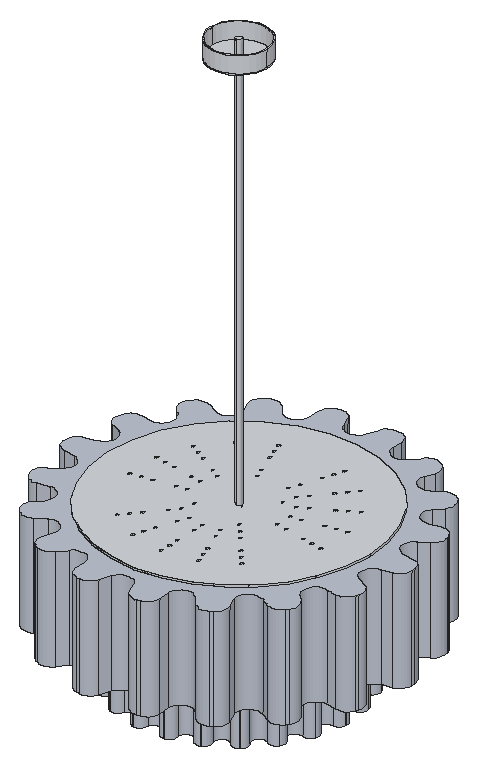
Revit family "ACU-Medium Opera Chandelier", category Lighting Fixtures, host Ceiling, Revit 2021
Family settings
  Host = Ceiling
  Round Connector Dimension = Use Diameter
  Part Type = Normal
  OmniClass Number = 23.80.70.11
  OmniClass Title = Luminaries for Internal Lighting
  Always vertical = Yes
  Cut with Voids When Loaded = No
  Light Source = Yes
  Shared = No
  Room Calculation Point = No
Parameters (values of type "Type 1")
  Wattage = 3.37561 W
  built-in parameter 1150110 = 1 (stored number, unit not read)
  built-in parameter 1114217 = 1 (stored number, unit not read)
  Tilt Angle = 90.00°
  built-in parameter 1150109 = 1 (stored number, unit not read)
  built-in parameter 1150134 = 12
  built-in parameter 1150113 = 1 (stored number, unit not read)
  Plate Thickness [instance] = 3 mm
  Photometric Web File = "MED - 2500_CLE-ADV4-190-220mm (1).ies"
  Pendant Material = Acustico - Light Grey
  Light Source Material = Acustico - Perpsex
  Internal Pendant Material = Acustico - Rouge
  Emit from Circle Diameter = 400 mm
  Emit Shape Visible in Rendering = no
  Default Elevation = 0 mm
  Cable Material = Acustico - Timber
  Bracket Material = Acustico - Stainless Steel
  Manufacturer = "Acustico lighting"
  Lumens = 501.42 lm
  built-in parameter 1150115 = 1 (stored number, unit not read)
  built-in parameter 1150105 = 39.902 (stored number, unit not read)
  built-in parameter 1150137 = (empty or 0)
  built-in parameter 1150139 = (empty or 0)
  built-in parameter 1150112 = 1 (stored number, unit not read)
  built-in parameter 1150114 = 1 (stored number, unit not read)
  built-in parameter 1150132 = 2
  built-in parameter 1150102 = (empty or 0)
  built-in parameter 1150138 = (empty or 0)
  built-in parameter 1150107 = 4000 (stored number, unit not read)
  built-in parameter 1150106 = 0.39902 (stored number, unit not read)
  built-in parameter 1150104 = 13.8 (stored number, unit not read)
  Distance from Ceiling [instance] = 964 mm
  Dimming Lamp Color Temperature Shift = <None>
  Description = "600mm Punk Pendant"
  Color Filter = 16777215
  built-in parameter 1114218 = 1 (stored number, unit not read)
  built-in parameter 1150133 = 10 (stored number, unit not read)
Reference planes
  plane 1 "Light Source Axis (F/B)": y = 0
  plane 2: z = 0
  plane 3 "Light Source Axis (L/R)": x = 0
  plane 4 "Ceiling": z = 4000
  plane 5 "Light Source Elevation": z = 3086
  plane 6: y = 0
  plane 7: x = 0
  plane 8 "Top of Light": z = 3266
  plane 9: z = 2996
  plane 10: z = 3176
Forms (mm)
  Extrusion 1, solid, material "Acustico - Light Grey" <- "Pendant Material"
    sketch origin (0, 0, 3086) x (-1, 0, 0) y (0, -1, 0)
      loop
        line (26.573, -263.46) -> (33.284, -281.277)
        arc (33.284, -281.277) -> (42.689, -292.205) -> (56.925, -294.493) r 21
        arc (56.925, -294.493) -> (59.627, -293.957) -> (62.324, -293.397) r 300
        arc (62.324, -293.397) -> (74.541, -285.74) -> (78.941, -272.01) r 21
        line (78.941, -272.01) -> (78.174, -252.986)
        arc (78.174, -252.986) -> (91.47, -232.599) -> (115.093, -238.463) r 21
        line (115.093, -238.463) -> (127.493, -252.911)
        arc (127.493, -252.911) -> (140.068, -259.963) -> (154.227, -257.244) r 21
        arc (154.227, -257.244) -> (156.584, -255.816) -> (158.926, -254.367) r 300
        arc (158.926, -254.367) -> (167.788, -242.994) -> (167.227, -228.587) r 21
        line (167.227, -228.587) -> (160, -210.972)
        arc (160, -210.972) -> (165.52, -187.267) -> (189.724, -184.699) r 21
        line (189.724, -184.699) -> (206.318, -194.033)
        arc (206.318, -194.033) -> (220.547, -196.359) -> (232.922, -188.961) r 21
        arc (232.922, -188.961) -> (234.648, -186.814) -> (236.354, -184.651) r 300
        arc (236.354, -184.651) -> (240.791, -170.933) -> (235.336, -157.587) r 21
        line (235.336, -157.587) -> (222.521, -143.506)
        arc (222.521, -143.506) -> (219.601, -119.342) -> (241.466, -108.651) r 21
        line (241.466, -108.651) -> (260.252, -111.747)
        arc (260.252, -111.747) -> (274.418, -109.066) -> (283.517, -97.882) r 21
        arc (283.517, -97.882) -> (284.404, -95.274) -> (285.268, -92.658) r 300
        arc (285.268, -92.658) -> (284.745, -78.249) -> (275.055, -67.574) r 21
        line (275.055, -67.574) -> (258.196, -58.726)
        arc (258.196, -58.726) -> (247.188, -37.018) -> (264.078, -19.492) r 21
        line (264.078, -19.492) -> (282.79, -15.977)
        arc (282.79, -15.977) -> (295.185, -8.612) -> (299.91, 5.01) r 21
        arc (299.91, 5.01) -> (299.851, 7.764) -> (299.768, 10.517) r 300
        arc (299.768, 10.517) -> (294.349, 23.878) -> (281.592, 30.595) r 21
        line (281.592, 30.595) -> (262.724, 33.144)
        arc (262.724, 33.144) -> (244.955, 49.778) -> (254.832, 72.023) r 21
        line (254.832, 72.023) -> (271.213, 81.726)
        arc (271.213, 81.726) -> (280.342, 92.886) -> (280.123, 107.302) r 21
        arc (280.123, 107.302) -> (279.126, 109.871) -> (278.106, 112.429) r 300
        arc (278.106, 112.429) -> (268.444, 123.131) -> (254.159, 125.08) r 21
        line (254.159, 125.08) -> (235.557, 121.022)
        arc (235.557, 121.022) -> (213.17, 130.575) -> (214.844, 154.857) r 21
        line (214.844, 154.857) -> (226.918, 169.578)
        arc (226.918, 169.578) -> (231.68, 183.187) -> (226.543, 196.659) r 21
        arc (226.543, 196.659) -> (224.728, 198.731) -> (222.894, 200.787) r 300
        arc (222.894, 200.787) -> (210.155, 207.538) -> (196.064, 204.484) r 21
        line (196.064, 204.484) -> (179.973, 194.308)
        arc (179.973, 194.308) -> (155.669, 195.629) -> (148.936, 219.019) r 21
        line (148.936, 219.019) -> (155.248, 236.981)
        arc (155.248, 236.981) -> (155.067, 251.398) -> (145.633, 262.301) r 21
        arc (145.633, 262.301) -> (143.219, 263.627) -> (140.792, 264.932) r 300
        arc (140.792, 264.932) -> (126.512, 266.919) -> (114.316, 259.23) r 21
        line (114.316, 259.23) -> (102.675, 244.164)
        arc (102.675, 244.164) -> (79.385, 237.092) -> (65.059, 256.769) r 21
        line (65.059, 256.769) -> (64.846, 275.807)
        arc (64.846, 275.807) -> (59.746, 289.293) -> (47.151, 296.311) r 21
        arc (47.151, 296.311) -> (44.429, 296.732) -> (41.703, 297.128) r 300
        arc (41.703, 297.128) -> (27.604, 294.111) -> (18.773, 282.714) r 21
        line (18.773, 282.714) -> (12.987, 264.576)
        arc (12.987, 264.576) -> (-6.48, 249.965) -> (-26.672, 263.555) r 21
        line (-26.672, 263.555) -> (-33.383, 281.372)
        arc (-33.383, 281.372) -> (-42.788, 292.3) -> (-57.023, 294.588) r 21
        arc (-57.023, 294.588) -> (-59.726, 294.052) -> (-62.423, 293.492) r 300
        arc (-62.423, 293.492) -> (-74.64, 285.835) -> (-79.04, 272.105) r 21
        line (-79.04, 272.105) -> (-78.273, 253.081)
        arc (-78.273, 253.081) -> (-91.568, 232.694) -> (-115.191, 238.558) r 21
        line (-115.191, 238.558) -> (-127.592, 253.006)
        arc (-127.592, 253.006) -> (-140.167, 260.058) -> (-154.326, 257.339) r 21
        arc (-154.326, 257.339) -> (-156.682, 255.911) -> (-159.025, 254.462) r 300
        arc (-159.025, 254.462) -> (-167.886, 243.089) -> (-167.325, 228.682) r 21
        line (-167.325, 228.682) -> (-160.098, 211.068)
        arc (-160.098, 211.068) -> (-165.619, 187.362) -> (-189.823, 184.794) r 21
        line (-189.823, 184.794) -> (-206.417, 194.128)
        arc (-206.417, 194.128) -> (-220.646, 196.454) -> (-233.021, 189.056) r 21
        arc (-233.021, 189.056) -> (-234.747, 186.909) -> (-236.453, 184.746) r 300
        arc (-236.453, 184.746) -> (-240.889, 171.028) -> (-235.435, 157.682) r 21
        line (-235.435, 157.682) -> (-222.619, 143.601)
        arc (-222.619, 143.601) -> (-219.699, 119.437) -> (-241.565, 108.746) r 21
        line (-241.565, 108.746) -> (-260.351, 111.842)
        arc (-260.351, 111.842) -> (-274.517, 109.161) -> (-283.616, 97.977) r 21
        arc (-283.616, 97.977) -> (-284.503, 95.369) -> (-285.366, 92.753) r 300
        arc (-285.366, 92.753) -> (-284.844, 78.344) -> (-275.153, 67.669) r 21
        line (-275.153, 67.669) -> (-258.295, 58.821)
        arc (-258.295, 58.821) -> (-247.286, 37.113) -> (-264.177, 19.587) r 21
        line (-264.177, 19.587) -> (-282.889, 16.072)
        arc (-282.889, 16.072) -> (-295.284, 8.707) -> (-300.008, -4.914) r 21
        arc (-300.008, -4.914) -> (-299.95, -7.669) -> (-299.867, -10.422) r 300
        arc (-299.867, -10.422) -> (-294.448, -23.783) -> (-281.69, -30.5) r 21
        line (-281.69, -30.5) -> (-262.823, -33.049)
        arc (-262.823, -33.049) -> (-245.053, -49.683) -> (-254.931, -71.928) r 21
        line (-254.931, -71.928) -> (-271.312, -81.631)
        arc (-271.312, -81.631) -> (-280.441, -92.791) -> (-280.221, -107.207) r 21
        arc (-280.221, -107.207) -> (-279.225, -109.775) -> (-278.204, -112.334) r 300
        arc (-278.204, -112.334) -> (-268.543, -123.036) -> (-254.257, -124.985) r 21
        line (-254.257, -124.985) -> (-235.656, -120.927)
        arc (-235.656, -120.927) -> (-213.269, -130.48) -> (-214.943, -154.762) r 21
        line (-214.943, -154.762) -> (-227.017, -169.483)
        arc (-227.017, -169.483) -> (-231.778, -183.092) -> (-226.642, -196.563) r 21
        arc (-226.642, -196.563) -> (-224.827, -198.636) -> (-222.993, -200.692) r 300
        arc (-222.993, -200.692) -> (-210.254, -207.443) -> (-196.163, -204.389) r 21
        line (-196.163, -204.389) -> (-180.071, -194.213)
        arc (-180.071, -194.213) -> (-155.767, -195.533) -> (-149.035, -218.924) r 21
        line (-149.035, -218.924) -> (-155.346, -236.886)
        arc (-155.346, -236.886) -> (-155.166, -251.303) -> (-145.732, -262.206) r 21
        arc (-145.732, -262.206) -> (-143.317, -263.532) -> (-140.891, -264.837) r 300
        arc (-140.891, -264.837) -> (-126.611, -266.824) -> (-114.415, -259.135) r 21
        line (-114.415, -259.135) -> (-102.773, -244.069)
        arc (-102.773, -244.069) -> (-79.484, -236.997) -> (-65.157, -256.674) r 21
        line (-65.157, -256.674) -> (-64.945, -275.712)
        arc (-64.945, -275.712) -> (-59.844, -289.198) -> (-47.25, -296.216) r 21
        arc (-47.25, -296.216) -> (-44.528, -296.637) -> (-41.801, -297.033) r 300
        arc (-41.801, -297.033) -> (-27.703, -294.016) -> (-18.872, -282.619) r 21
        line (-18.872, -282.619) -> (-13.086, -264.481)
        arc (-13.086, -264.481) -> (6.381, -249.87) -> (26.573, -263.46) r 21
      loop
        arc (85.899, -165.004) -> (93.611, -171.645) -> (103.706, -170.349) r 12.5
        line (103.706, -170.349) -> (104.537, -169.839)
        arc (104.537, -169.839) -> (110.415, -161.427) -> (108.014, -151.45) r 12.5
        arc (108.014, -151.45) -> (110.547, -134.93) -> (127.242, -135.695) r 12.5
        arc (127.242, -135.695) -> (136.46, -140.009) -> (145.831, -136.038) r 12.5
        line (145.831, -136.038) -> (146.494, -135.322)
        arc (146.494, -135.322) -> (149.884, -125.636) -> (144.88, -116.677) r 12.5
        arc (144.88, -116.677) -> (142.862, -100.086) -> (159.145, -96.318) r 12.5
        arc (159.145, -96.318) -> (169.185, -97.985) -> (177.137, -91.633) r 12.5
        line (177.137, -91.633) -> (177.582, -90.766)
        arc (177.582, -90.766) -> (178.233, -80.524) -> (170.998, -73.247) r 12.5
        arc (170.998, -73.247) -> (164.578, -57.816) -> (179.241, -49.795) r 12.5
        arc (179.241, -49.795) -> (189.358, -48.691) -> (195.302, -40.429) r 12.5
        line (195.302, -40.429) -> (195.496, -39.474)
        arc (195.496, -39.474) -> (193.36, -29.437) -> (184.429, -24.381) r 12.5
        arc (184.429, -24.381) -> (174.085, -11.254) -> (186.039, 0.425) r 12.5
        arc (186.039, 0.425) -> (195.484, 4.218) -> (198.978, 13.777) r 12.5
        line (198.978, 13.777) -> (198.907, 14.749)
        arc (198.907, 14.749) -> (194.142, 23.838) -> (184.179, 26.297) r 12.5
        arc (184.179, 26.297) -> (170.676, 36.146) -> (179.037, 50.618) r 12.5
        arc (179.037, 50.618) -> (187.108, 56.817) -> (187.893, 66.965) r 12.5
        line (187.893, 66.965) -> (187.563, 67.882)
        arc (187.563, 67.882) -> (180.522, 75.348) -> (170.265, 75.027) r 12.5
        arc (170.265, 75.027) -> (154.606, 80.868) -> (158.752, 97.059) r 12.5
        arc (158.752, 97.059) -> (164.852, 105.207) -> (162.87, 115.19) r 12.5
        line (162.87, 115.19) -> (162.304, 115.984)
        arc (162.304, 115.984) -> (153.511, 121.273) -> (143.72, 118.197) r 12.5
        arc (143.72, 118.197) -> (127.066, 119.597) -> (126.69, 136.306) r 12.5
        arc (126.69, 136.306) -> (130.365, 145.797) -> (125.763, 154.875) r 12.5
        line (125.763, 154.875) -> (125.005, 155.487)
        arc (125.005, 155.487) -> (115.11, 158.208) -> (106.513, 152.605) r 12.5
        arc (106.513, 152.605) -> (90.098, 149.459) -> (85.228, 165.447) r 12.5
        arc (85.228, 165.447) -> (86.206, 175.577) -> (79.326, 183.077) r 12.5
        line (79.326, 183.077) -> (78.43, 183.462)
        arc (78.43, 183.462) -> (68.168, 183.412) -> (61.402, 175.697) r 12.5
        arc (61.402, 175.697) -> (46.445, 168.24) -> (37.441, 182.321) r 12.5
        arc (37.441, 182.321) -> (35.65, 192.34) -> (27.002, 197.705) r 12.5
        line (27.002, 197.705) -> (26.035, 197.834)
        arc (26.035, 197.834) -> (16.167, 195.018) -> (11.733, 185.763) r 12.5
        arc (11.733, 185.763) -> (-0.657, 174.547) -> (-13.126, 185.676) r 12.5
        arc (-13.126, 185.676) -> (-17.553, 194.841) -> (-27.329, 197.674) r 12.5
        line (-27.329, 197.674) -> (-28.294, 197.537)
        arc (-28.294, 197.537) -> (-37.036, 192.163) -> (-38.809, 182.055) r 12.5
        arc (-38.809, 182.055) -> (-47.714, 167.912) -> (-62.723, 175.265) r 12.5
        arc (-62.723, 175.265) -> (-69.459, 182.895) -> (-79.636, 182.985) r 12.5
        line (-79.636, 182.985) -> (-80.529, 182.593)
        arc (-80.529, 182.593) -> (-87.497, 175.06) -> (-86.477, 164.848) r 12.5
        arc (-86.477, 164.848) -> (-91.236, 148.827) -> (-107.672, 151.858) r 12.5
        arc (-107.672, 151.858) -> (-116.217, 157.388) -> (-126.041, 154.729) r 12.5
        line (-126.041, 154.729) -> (-126.795, 154.111)
        arc (-126.795, 154.111) -> (-131.472, 144.977) -> (-127.735, 135.419) r 12.5
        arc (-127.735, 135.419) -> (-127.995, 118.708) -> (-144.639, 117.193) r 12.5
        arc (-144.639, 117.193) -> (-154.359, 120.211) -> (-163.102, 115.001) r 12.5
        line (-163.102, 115.001) -> (-163.66, 114.202)
        arc (-163.66, 114.202) -> (-165.7, 104.145) -> (-159.523, 95.95) r 12.5
        arc (-159.523, 95.95) -> (-155.264, 79.789) -> (-170.882, 73.839) r 12.5
        arc (-170.882, 73.839) -> (-181.056, 74.123) -> (-188.069, 66.747) r 12.5
        line (-188.069, 66.747) -> (-188.392, 65.827)
        arc (-188.392, 65.827) -> (-187.642, 55.593) -> (-179.483, 49.368) r 12.5
        arc (-179.483, 49.368) -> (-171.022, 34.955) -> (-184.456, 25.012) r 12.5
        arc (-184.456, 25.012) -> (-194.329, 22.541) -> (-199.092, 13.547) r 12.5
        line (-199.092, 13.547) -> (-199.155, 12.574)
        arc (-199.155, 12.574) -> (-195.672, 2.921) -> (-186.136, -0.871) r 12.5
        arc (-186.136, -0.871) -> (-174.1, -12.467) -> (-184.353, -25.666) r 12.5
        arc (-184.353, -25.666) -> (-193.194, -30.709) -> (-195.353, -40.655) r 12.5
        line (-195.353, -40.655) -> (-195.151, -41.609)
        arc (-195.151, -41.609) -> (-189.193, -49.964) -> (-178.988, -51.043) r 12.5
        arc (-178.988, -51.043) -> (-164.27, -58.962) -> (-170.581, -74.437) r 12.5
        arc (-170.581, -74.437) -> (-177.733, -81.678) -> (-177.13, -91.838) r 12.5
        line (-177.13, -91.838) -> (-176.677, -92.702)
        arc (-176.677, -92.702) -> (-168.686, -99.139) -> (-158.568, -97.425) r 12.5
        arc (-158.568, -97.425) -> (-142.259, -101.079) -> (-144.162, -117.684) r 12.5
        arc (-144.162, -117.684) -> (-149.095, -126.586) -> (-145.773, -136.206) r 12.5
        line (-145.773, -136.206) -> (-145.104, -136.916)
        arc (-145.104, -136.916) -> (-135.672, -140.959) -> (-126.392, -136.578) r 12.5
        arc (-126.392, -136.578) -> (-109.702, -135.697) -> (-107.054, -152.199) r 12.5
        arc (-107.054, -152.199) -> (-109.403, -162.102) -> (-103.608, -170.469) r 12.5
        line (-103.608, -170.469) -> (-102.773, -170.972)
        arc (-102.773, -170.972) -> (-92.6, -172.321) -> (-84.846, -165.599) r 12.5
        arc (-84.846, -165.599) -> (-69.012, -160.247) -> (-62.01, -175.423) r 12.5
        arc (-62.01, -175.423) -> (-61.6, -185.593) -> (-53.763, -192.086) r 12.5
        line (-53.763, -192.086) -> (-52.823, -192.345)
        arc (-52.823, -192.345) -> (-42.663, -190.898) -> (-37.01, -182.334) r 12.5
        arc (-37.01, -182.334) -> (-23.208, -172.909) -> (-12.371, -185.633) r 12.5
        arc (-12.371, -185.633) -> (-9.233, -195.315) -> (0.066, -199.453) r 12.5
        line (0.066, -199.453) -> (1.041, -199.449)
        arc (1.041, -199.449) -> (10.434, -195.315) -> (13.566, -185.543) r 12.5
        arc (13.566, -185.543) -> (24.314, -172.744) -> (38.182, -182.072) r 12.5
        arc (38.182, -182.072) -> (43.816, -190.548) -> (53.886, -192.024) r 12.5
        line (53.886, -192.024) -> (54.824, -191.757)
        arc (54.824, -191.757) -> (62.753, -185.242) -> (63.133, -174.987) r 12.5
        arc (63.133, -174.987) -> (70.029, -159.763) -> (85.899, -165.004) r 12.5
    from 0 to 180
  Extrusion 2, solid, material "Acustico - Light Grey" <- "Pendant Material"
    sketch origin (0, 0, 3086) x (-1, 0, 0) y (0, -1, 0)
      loop
        circle (-0.049, 0.048) r 135
      loop
        arc (170.998, -73.247) -> (164.578, -57.816) -> (179.241, -49.795) r 12.5
        arc (179.241, -49.795) -> (189.358, -48.691) -> (195.302, -40.429) r 12.5
        line (195.302, -40.429) -> (195.496, -39.474)
        arc (195.496, -39.474) -> (193.36, -29.437) -> (184.429, -24.381) r 12.5
        arc (184.429, -24.381) -> (174.085, -11.254) -> (186.039, 0.425) r 12.5
        arc (186.039, 0.425) -> (195.484, 4.218) -> (198.978, 13.777) r 12.5
        line (198.978, 13.777) -> (198.907, 14.749)
        arc (198.907, 14.749) -> (194.142, 23.838) -> (184.179, 26.297) r 12.5
        arc (184.179, 26.297) -> (170.676, 36.146) -> (179.037, 50.618) r 12.5
        arc (179.037, 50.618) -> (187.108, 56.817) -> (187.893, 66.965) r 12.5
        line (187.893, 66.965) -> (187.563, 67.882)
        arc (187.563, 67.882) -> (180.522, 75.348) -> (170.265, 75.027) r 12.5
        arc (170.265, 75.027) -> (154.606, 80.868) -> (158.752, 97.059) r 12.5
        arc (158.752, 97.059) -> (164.852, 105.207) -> (162.87, 115.19) r 12.5
        line (162.87, 115.19) -> (162.304, 115.984)
        arc (162.304, 115.984) -> (153.511, 121.273) -> (143.72, 118.197) r 12.5
        arc (143.72, 118.197) -> (127.066, 119.597) -> (126.69, 136.306) r 12.5
        arc (126.69, 136.306) -> (130.365, 145.797) -> (125.763, 154.875) r 12.5
        line (125.763, 154.875) -> (125.005, 155.487)
        arc (125.005, 155.487) -> (115.11, 158.208) -> (106.513, 152.605) r 12.5
        arc (106.513, 152.605) -> (90.098, 149.459) -> (85.228, 165.447) r 12.5
        arc (85.228, 165.447) -> (86.206, 175.577) -> (79.326, 183.077) r 12.5
        line (79.326, 183.077) -> (78.43, 183.462)
        arc (78.43, 183.462) -> (68.168, 183.412) -> (61.402, 175.697) r 12.5
        arc (61.402, 175.697) -> (46.445, 168.24) -> (37.441, 182.321) r 12.5
        arc (37.441, 182.321) -> (35.65, 192.34) -> (27.002, 197.705) r 12.5
        line (27.002, 197.705) -> (26.035, 197.834)
        arc (26.035, 197.834) -> (16.167, 195.018) -> (11.733, 185.763) r 12.5
        arc (11.733, 185.763) -> (-0.657, 174.547) -> (-13.126, 185.676) r 12.5
        arc (-13.126, 185.676) -> (-17.553, 194.841) -> (-27.329, 197.674) r 12.5
        line (-27.329, 197.674) -> (-28.294, 197.537)
        arc (-28.294, 197.537) -> (-37.036, 192.163) -> (-38.809, 182.055) r 12.5
        arc (-38.809, 182.055) -> (-47.714, 167.912) -> (-62.723, 175.265) r 12.5
        arc (-62.723, 175.265) -> (-69.459, 182.895) -> (-79.636, 182.985) r 12.5
        line (-79.636, 182.985) -> (-80.529, 182.593)
        arc (-80.529, 182.593) -> (-87.497, 175.06) -> (-86.477, 164.848) r 12.5
        arc (-86.477, 164.848) -> (-91.236, 148.827) -> (-107.672, 151.858) r 12.5
        arc (-107.672, 151.858) -> (-116.217, 157.388) -> (-126.041, 154.729) r 12.5
        line (-126.041, 154.729) -> (-126.795, 154.111)
        arc (-126.795, 154.111) -> (-131.472, 144.977) -> (-127.735, 135.419) r 12.5
        arc (-127.735, 135.419) -> (-127.995, 118.708) -> (-144.639, 117.193) r 12.5
        arc (-144.639, 117.193) -> (-154.359, 120.211) -> (-163.102, 115.001) r 12.5
        line (-163.102, 115.001) -> (-163.66, 114.202)
        arc (-163.66, 114.202) -> (-165.7, 104.145) -> (-159.523, 95.95) r 12.5
        arc (-159.523, 95.95) -> (-155.264, 79.789) -> (-170.882, 73.839) r 12.5
        arc (-170.882, 73.839) -> (-181.056, 74.123) -> (-188.069, 66.747) r 12.5
        line (-188.069, 66.747) -> (-188.392, 65.827)
        arc (-188.392, 65.827) -> (-187.642, 55.593) -> (-179.483, 49.368) r 12.5
        arc (-179.483, 49.368) -> (-171.022, 34.955) -> (-184.456, 25.012) r 12.5
        arc (-184.456, 25.012) -> (-194.329, 22.541) -> (-199.092, 13.547) r 12.5
        line (-199.092, 13.547) -> (-199.155, 12.574)
        arc (-199.155, 12.574) -> (-195.672, 2.921) -> (-186.136, -0.871) r 12.5
        arc (-186.136, -0.871) -> (-174.1, -12.467) -> (-184.353, -25.666) r 12.5
        arc (-184.353, -25.666) -> (-193.194, -30.709) -> (-195.353, -40.655) r 12.5
        line (-195.353, -40.655) -> (-195.151, -41.609)
        arc (-195.151, -41.609) -> (-189.193, -49.964) -> (-178.988, -51.043) r 12.5
        arc (-178.988, -51.043) -> (-164.27, -58.962) -> (-170.581, -74.437) r 12.5
        arc (-170.581, -74.437) -> (-177.733, -81.678) -> (-177.13, -91.838) r 12.5
        line (-177.13, -91.838) -> (-176.677, -92.702)
        arc (-176.677, -92.702) -> (-168.686, -99.139) -> (-158.568, -97.425) r 12.5
        arc (-158.568, -97.425) -> (-142.259, -101.079) -> (-144.162, -117.684) r 12.5
        arc (-144.162, -117.684) -> (-149.095, -126.586) -> (-145.773, -136.206) r 12.5
        line (-145.773, -136.206) -> (-145.104, -136.916)
        arc (-145.104, -136.916) -> (-135.672, -140.959) -> (-126.392, -136.578) r 12.5
        arc (-126.392, -136.578) -> (-109.702, -135.697) -> (-107.054, -152.199) r 12.5
        arc (-107.054, -152.199) -> (-109.403, -162.102) -> (-103.608, -170.469) r 12.5
        line (-103.608, -170.469) -> (-102.773, -170.972)
        arc (-102.773, -170.972) -> (-92.6, -172.321) -> (-84.846, -165.599) r 12.5
        arc (-84.846, -165.599) -> (-69.012, -160.247) -> (-62.01, -175.423) r 12.5
        arc (-62.01, -175.423) -> (-61.6, -185.593) -> (-53.763, -192.086) r 12.5
        line (-53.763, -192.086) -> (-52.823, -192.345)
        arc (-52.823, -192.345) -> (-42.663, -190.898) -> (-37.01, -182.334) r 12.5
        arc (-37.01, -182.334) -> (-23.208, -172.909) -> (-12.371, -185.633) r 12.5
        arc (-12.371, -185.633) -> (-9.233, -195.315) -> (0.066, -199.453) r 12.5
        line (0.066, -199.453) -> (1.041, -199.449)
        arc (1.041, -199.449) -> (10.434, -195.315) -> (13.566, -185.543) r 12.5
        arc (13.566, -185.543) -> (24.314, -172.744) -> (38.182, -182.072) r 12.5
        arc (38.182, -182.072) -> (43.816, -190.548) -> (53.886, -192.024) r 12.5
        line (53.886, -192.024) -> (54.824, -191.757)
        arc (54.824, -191.757) -> (62.753, -185.242) -> (63.133, -174.987) r 12.5
        arc (63.133, -174.987) -> (70.029, -159.763) -> (85.899, -165.004) r 12.5
        arc (85.899, -165.004) -> (93.611, -171.645) -> (103.706, -170.349) r 12.5
        line (103.706, -170.349) -> (104.537, -169.839)
        arc (104.537, -169.839) -> (110.415, -161.427) -> (108.014, -151.45) r 12.5
        arc (108.014, -151.45) -> (110.547, -134.93) -> (127.242, -135.695) r 12.5
        arc (127.242, -135.695) -> (136.46, -140.009) -> (145.831, -136.038) r 12.5
        line (145.831, -136.038) -> (146.494, -135.322)
        arc (146.494, -135.322) -> (149.884, -125.636) -> (144.88, -116.677) r 12.5
        arc (144.88, -116.677) -> (142.862, -100.086) -> (159.145, -96.318) r 12.5
        arc (159.145, -96.318) -> (169.185, -97.985) -> (177.137, -91.633) r 12.5
        line (177.137, -91.633) -> (177.582, -90.766)
        arc (177.582, -90.766) -> (178.233, -80.524) -> (170.998, -73.247) r 12.5
    from -90 to 90
  Extrusion 3, solid
    sketch origin (0, 0, 3086) x (-1, 0, 0) y (0, -1, 0)
      loop
        circle (147.224, -85) r 2.5
      loop
        circle (131.636, -76) r 2.5
      loop
        circle (116.047, -67) r 2.5
      loop
        circle (84.87, -49) r 2
      loop
        circle (69.282, -40) r 2
      loop
        circle (78.785, -13.892) r 2
      loop
        circle (96.511, -17.018) r 2
      loop
        circle (131.964, -23.269) r 2.5
      loop
        circle (149.691, -26.395) r 2.5
      loop
        circle (167.417, -29.52) r 2.5
      loop
        circle (38.89, -46.035) r 2
      loop
        circle (51.423, -61.284) r 2
      loop
        circle (62.993, -75.072) r 2
      loop
        circle (86.134, -102.65) r 2.5
      loop
        circle (97.704, -116.439) r 2.5
      loop
        circle (109.274, -130.228) r 2.5
      loop
        circle (27.362, -75.175) r 2
      loop
        circle (33.518, -92.09) r 2
      loop
        circle (45.831, -125.919) r 2.5
      loop
        circle (51.987, -142.833) r 2.5
      loop
        circle (58.143, -159.748) r 2.5
      loop
        circle (-27.362, -75.175) r 2
      loop
        circle (-33.518, -92.09) r 2
      loop
        circle (-45.831, -125.919) r 2.5
      loop
        circle (-51.987, -142.833) r 2.5
      loop
        circle (-58.143, -159.748) r 2.5
      loop
        circle (-109.274, -130.228) r 2.5
      loop
        circle (-97.704, -116.439) r 2.5
      loop
        circle (-86.134, -102.65) r 2.5
      loop
        circle (-62.993, -75.072) r 2
      loop
        circle (-51.423, -61.284) r 2
      loop
        circle (-46.341, -38.579) r 2
      loop
        circle (-69.282, -40) r 2
      loop
        circle (-84.87, -49) r 2
      loop
        circle (-116.047, -67) r 2.5
      loop
        circle (-131.636, -76) r 2.5
      loop
        circle (-147.224, -85) r 2.5
      loop
        circle (-167.417, -29.52) r 2.5
      loop
        circle (-149.691, -26.395) r 2.5
      loop
        circle (-131.964, -23.269) r 2.5
      loop
        circle (-96.511, -17.018) r 2
      loop
        circle (-78.785, -13.892) r 2
      loop
        circle (-78.785, 13.892) r 2
      loop
        circle (-96.511, 17.018) r 2
      loop
        circle (-131.964, 23.269) r 2.5
      loop
        circle (-149.691, 26.395) r 2.5
      loop
        circle (-167.417, 29.52) r 2.5
      loop
        circle (-38.84, 46.608) r 2
      loop
        circle (-51.423, 61.284) r 2
      loop
        circle (-62.993, 75.072) r 2
      loop
        circle (-86.134, 102.65) r 2.5
      loop
        circle (-97.704, 116.439) r 2.5
      loop
        circle (-109.274, 130.228) r 2.5
      loop
        circle (-51.987, 142.833) r 2.5
      loop
        circle (-58.143, 159.748) r 2.5
      loop
        circle (-45.831, 125.919) r 2.5
      loop
        circle (-33.518, 92.09) r 2
      loop
        circle (0, 80) r 2
      loop
        circle (0, 98) r 2
      loop
        circle (0, 134) r 2.5
      loop
        circle (0, 152) r 2.5
      loop
        circle (0, 170) r 2.5
      loop
        circle (51.987, 142.833) r 2.5
      loop
        circle (58.143, 159.748) r 2.5
      loop
        circle (45.831, 125.919) r 2.5
      loop
        circle (33.518, 92.09) r 2
      loop
        circle (27.362, 75.175) r 2
      loop
        circle (46.4, 39.201) r 2
      loop
        circle (51.423, 61.284) r 2
      loop
        circle (62.993, 75.072) r 2
      loop
        circle (86.134, 102.65) r 2.5
      loop
        circle (97.704, 116.439) r 2.5
      loop
        circle (109.274, 130.228) r 2.5
      loop
        circle (78.785, 13.892) r 2
      loop
        circle (96.511, 17.018) r 2
      loop
        circle (131.964, 23.269) r 2.5
      loop
        circle (149.691, 26.395) r 2.5
      loop
        circle (167.417, 29.52) r 2.5
      loop
        circle (-27.362, 75.175) r 2
      loop
        circle (0, 0) r 230
    from 180 to 183
  Extrusion 4, solid, material "Acustico - Stainless Steel" <- "Bracket Material"
    sketch origin (0, 0, 3086) x (-1, 0, 0) y (0, -1, 0)
      loop
        circle (-0.049, 0.048) r 135
    from 3 to 0
  Extrusion 5, solid
    sketch origin (0, 0, 4000) x (0, 1, 0) y (-1, 0, 0)
      loop
        circle (0, 0) r 50
      loop
        circle (0, 0) r 48
    from -28 to 0
  Extrusion 6, solid
    sketch origin (0, 0, 4000) x (0, 1, 0) y (-1, 0, 0)
      loop
        circle (0, 0) r 50
    from -30 to -28
  Extrusion 7, solid
    sketch origin (0, 0, 4000) x (0, 1, 0) y (-1, 0, 0)
      loop
        circle (0, 0) r 5
    from -914 to 0
  Extrusion 8, solid
    sketch origin (0, 0, 4000) x (0, 1, 0) y (-1, 0, 0)
      loop
        circle (0, 0) r 9
    from -924 to -914
Dimensions and locks
  equal spacing: host sketch curve, plane 3 "Light Source Axis (L/R)", host sketch curve
  equal spacing: host sketch curve, plane 1 "Light Source Axis (F/B)", host sketch curve
  host sketch curve to host sketch curve = 4000 mm  (x2)
  host ceiling to plane 4 "Ceiling" = 0 mm
  plane 5 "Light Source Elevation" to Extrusion 4 = 0 mm
  "Plate Thickness": plane 8 "Top of Light" to Extrusion 3
  plane 9 to plane 5 "Light Source Elevation" to plane 10 to plane 8 "Top of Light" = 90 mm locked, 90 mm locked, 90 mm locked
  locked: Extrusion 8 to plane 5 "Light Source Elevation" at 10
  "Plate Thickness": plane 5 "Light Source Elevation" to Extrusion 4
  aligned and locked: plane 3 "Light Source Axis (L/R)" to imposter light
  aligned and locked: plane 1 "Light Source Axis (F/B)" to imposter light
  aligned and locked: plane 5 "Light Source Elevation" to imposter light
  aligned and locked: Extrusion 2 to plane 9
  aligned and locked: plane 10 to Extrusion 2
  aligned and locked: plane 5 "Light Source Elevation" to Extrusion 7
  aligned and locked: Extrusion 1 to plane 8 "Top of Light"
  aligned and locked: plane 8 "Top of Light" to Extrusion 3
  aligned and locked: Extrusion 8 to plane 5 "Light Source Elevation"
  aligned and locked: plane 5 "Light Source Elevation" to Extrusion 4
Automatic sketch dimensions
  Extrusion 1 sketch curve to Extrusion 1 sketch curve = 0 mm  (x324)
  plane 1 "Light Source Axis (F/B)" to Extrusion 1 sketch curve = 16.072 mm
  plane 3 "Light Source Axis (L/R)" to Extrusion 1 sketch curve = 282.889 mm
  Extrusion 1 sketch curve to plane 1 "Light Source Axis (F/B)" = 30.5 mm
  Extrusion 1 sketch curve to Extrusion 1 sketch curve = 1.198 mm
  Extrusion 1 sketch curve to plane 1 "Light Source Axis (F/B)" = 4.567 mm
  Extrusion 1 sketch curve to Extrusion 1 sketch curve = 3.878 mm  (x2)
  Extrusion 1 sketch curve to Extrusion 1 sketch curve = 0.132 mm  (x2)
  plane 1 "Light Source Axis (F/B)" to Extrusion 1 sketch curve = 67.669 mm
  Extrusion 1 sketch curve to Extrusion 1 sketch curve = 7.735 mm
  Extrusion 1 sketch curve to plane 1 "Light Source Axis (F/B)" = 81.631 mm
  Extrusion 1 sketch curve to Extrusion 1 sketch curve = 10.378 mm
  Extrusion 1 sketch curve to Extrusion 1 sketch curve = 7.099 mm
  Extrusion 1 sketch curve to Extrusion 1 sketch curve = 16.057 mm  (x2)
  Extrusion 1 sketch curve to Extrusion 1 sketch curve = 9.759 mm
  plane 1 "Light Source Axis (F/B)" to Extrusion 1 sketch curve = 19.587 mm
  Extrusion 1 sketch curve to Extrusion 1 sketch curve = 18.712 mm  (x2)
  Extrusion 1 sketch curve to Extrusion 1 sketch curve = 1.628 mm  (x2)
  Extrusion 1 sketch curve to plane 1 "Light Source Axis (F/B)" = 33.049 mm
  Extrusion 1 sketch curve to Extrusion 1 sketch curve = 18.868 mm  (x2)
  Extrusion 1 sketch curve to Extrusion 1 sketch curve = 10.703 mm  (x2)
  plane 1 "Light Source Axis (F/B)" to Extrusion 1 sketch curve = 111.842 mm
  Extrusion 1 sketch curve to Extrusion 1 sketch curve = 3.415 mm  (x4)
  Extrusion 1 sketch curve to Extrusion 1 sketch curve = 1.876 mm  (x2)
  plane 1 "Light Source Axis (F/B)" to Extrusion 1 sketch curve = 58.821 mm
  Extrusion 1 sketch curve to Extrusion 1 sketch curve = 16.858 mm  (x2)
  Extrusion 1 sketch curve to plane 1 "Light Source Axis (F/B)" = 71.928 mm
  Extrusion 1 sketch curve to Extrusion 1 sketch curve = 16.381 mm  (x2)
  Extrusion 1 sketch curve to plane 1 "Light Source Axis (F/B)" = 124.985 mm
  Extrusion 1 sketch curve to Extrusion 1 sketch curve = 4.476 mm  (x4)
  plane 1 "Light Source Axis (F/B)" to Extrusion 1 sketch curve = 108.746 mm
  Extrusion 1 sketch curve to Extrusion 1 sketch curve = 18.786 mm  (x2)
  Extrusion 1 sketch curve to plane 1 "Light Source Axis (F/B)" = 120.927 mm
  Extrusion 1 sketch curve to Extrusion 1 sketch curve = 18.602 mm  (x2)
  Extrusion 1 sketch curve to Extrusion 1 sketch curve = 2.715 mm  (x2)
  Extrusion 1 sketch curve to Extrusion 1 sketch curve = 4.162 mm  (x2)
  plane 1 "Light Source Axis (F/B)" to Extrusion 1 sketch curve = 143.601 mm
  Extrusion 1 sketch curve to Extrusion 1 sketch curve = 12.815 mm  (x2)
  Extrusion 1 sketch curve to Extrusion 1 sketch curve = 15.53 mm  (x2)
  Extrusion 1 sketch curve to Extrusion 1 sketch curve = 3.192 mm  (x2)
  Extrusion 1 sketch curve to Extrusion 1 sketch curve = 12.074 mm  (x2)
  Extrusion 1 sketch curve to Extrusion 1 sketch curve = 16.237 mm  (x2)
  Extrusion 1 sketch curve to Extrusion 1 sketch curve = 3.394 mm  (x2)
  Extrusion 1 sketch curve to Extrusion 1 sketch curve = 10.296 mm  (x4)
  plane 1 "Light Source Axis (F/B)" to Extrusion 1 sketch curve = 12.574 mm
  Extrusion 1 sketch curve to Extrusion 1 sketch curve = 65.022 mm
  plane 1 "Light Source Axis (F/B)" to Extrusion 1 sketch curve = 13.547 mm
  Extrusion 1 sketch curve to Extrusion 1 sketch curve = 0.062 mm
  Extrusion 1 sketch curve to Extrusion 1 sketch curve = 11.224 mm  (x4)
  Extrusion 1 sketch curve to plane 1 "Light Source Axis (F/B)" = 40.655 mm
  Extrusion 1 sketch curve to Extrusion 1 sketch curve = 3.801 mm
  Extrusion 1 sketch curve to plane 1 "Light Source Axis (F/B)" = 41.609 mm
  Extrusion 1 sketch curve to Extrusion 1 sketch curve = 0.202 mm
  Extrusion 1 sketch curve to Extrusion 1 sketch curve = 16.594 mm  (x2)
  plane 1 "Light Source Axis (F/B)" to Extrusion 1 sketch curve = 65.827 mm
  Extrusion 1 sketch curve to Extrusion 1 sketch curve = 10.701 mm
  plane 1 "Light Source Axis (F/B)" to Extrusion 1 sketch curve = 66.747 mm
  Extrusion 1 sketch curve to Extrusion 1 sketch curve = 0.322 mm
  Extrusion 1 sketch curve to Extrusion 1 sketch curve = 12.463 mm
  Extrusion 1 sketch curve to Extrusion 1 sketch curve = 0.07 mm
  Extrusion 1 sketch curve to Extrusion 1 sketch curve = 0.123 mm
  Extrusion 1 sketch curve to Extrusion 1 sketch curve = 3.351 mm
  Extrusion 1 sketch curve to Extrusion 1 sketch curve = 12.237 mm
  Extrusion 1 sketch curve to Extrusion 1 sketch curve = 0.225 mm
  Extrusion 1 sketch curve to Extrusion 1 sketch curve = 16.092 mm  (x2)
  Extrusion 1 sketch curve to plane 1 "Light Source Axis (F/B)" = 91.838 mm
  Extrusion 1 sketch curve to Extrusion 1 sketch curve = 5.762 mm
  Extrusion 1 sketch curve to Extrusion 1 sketch curve = 0.452 mm
  Extrusion 1 sketch curve to Extrusion 1 sketch curve = 11.743 mm
  Extrusion 1 sketch curve to Extrusion 1 sketch curve = 0.36 mm
  Extrusion 1 sketch curve to Extrusion 1 sketch curve = 6.858 mm
  Extrusion 1 sketch curve to Extrusion 1 sketch curve = 12.202 mm  (x2)
  Extrusion 1 sketch curve to Extrusion 1 sketch curve = 9.906 mm
  Extrusion 1 sketch curve to Extrusion 1 sketch curve = 11.095 mm
  Extrusion 1 sketch curve to Extrusion 1 sketch curve = 0.503 mm  (x2)
  Extrusion 1 sketch curve to Extrusion 1 sketch curve = 2.723 mm
  Extrusion 1 sketch curve to Extrusion 1 sketch curve = 0.559 mm
  Extrusion 1 sketch curve to Extrusion 1 sketch curve = 7.227 mm  (x2)
  Extrusion 1 sketch curve to Extrusion 1 sketch curve = 13.501 mm  (x2)
  Extrusion 1 sketch curve to Extrusion 1 sketch curve = 10.151 mm
  Extrusion 1 sketch curve to Extrusion 1 sketch curve = 0.624 mm
  Extrusion 1 sketch curve to Extrusion 1 sketch curve = 13.085 mm
  Extrusion 1 sketch curve to Extrusion 1 sketch curve = 6.311 mm  (x2)
  Extrusion 1 sketch curve to Extrusion 1 sketch curve = 19.428 mm  (x2)
  Extrusion 1 sketch curve to Extrusion 1 sketch curve = 6.674 mm
  Extrusion 1 sketch curve to Extrusion 1 sketch curve = 0.669 mm
  Extrusion 1 sketch curve to Extrusion 1 sketch curve = 4.37 mm  (x2)
  Extrusion 1 sketch curve to Extrusion 1 sketch curve = 15.725 mm
  Extrusion 1 sketch curve to Extrusion 1 sketch curve = 9.131 mm
  Extrusion 1 sketch curve to Extrusion 1 sketch curve = 0.745 mm
  Extrusion 1 sketch curve to Extrusion 1 sketch curve = 19.813 mm  (x2)
  Extrusion 1 sketch curve to Extrusion 1 sketch curve = 4.502 mm  (x2)
  Extrusion 1 sketch curve to Extrusion 1 sketch curve = 15.935 mm  (x4)
  Extrusion 1 sketch curve to Extrusion 1 sketch curve = 10.365 mm
  Extrusion 1 sketch curve to Extrusion 1 sketch curve = 0.754 mm
  Extrusion 1 sketch curve to Extrusion 1 sketch curve = 7.807 mm
  Extrusion 1 sketch curve to Extrusion 1 sketch curve = 0.841 mm
  Extrusion 1 sketch curve to Extrusion 1 sketch curve = 18.341 mm
  Extrusion 1 sketch curve to Extrusion 1 sketch curve = 12.4 mm  (x2)
  Extrusion 1 sketch curve to Extrusion 1 sketch curve = 16.617 mm  (x4)
  Extrusion 1 sketch curve to Extrusion 1 sketch curve = 13.949 mm
  Extrusion 1 sketch curve to Extrusion 1 sketch curve = 11.641 mm  (x2)
  Extrusion 1 sketch curve to Extrusion 1 sketch curve = 0.835 mm
  Extrusion 1 sketch curve to Extrusion 1 sketch curve = 20.379 mm
  Extrusion 1 sketch curve to Extrusion 1 sketch curve = 6.489 mm
  Extrusion 1 sketch curve to Extrusion 1 sketch curve = 0.931 mm
  Extrusion 1 sketch curve to Extrusion 1 sketch curve = 17.239 mm
  Extrusion 1 sketch curve to Extrusion 1 sketch curve = 0.893 mm
  Extrusion 1 sketch curve to Extrusion 1 sketch curve = 20.216 mm  (x2)
  Extrusion 1 sketch curve to Extrusion 1 sketch curve = 0.767 mm  (x2)
  Extrusion 1 sketch curve to Extrusion 1 sketch curve = 4.884 mm
  Extrusion 1 sketch curve to Extrusion 1 sketch curve = 0.995 mm
  Extrusion 1 sketch curve to Extrusion 1 sketch curve = 22.236 mm
  Extrusion 1 sketch curve to Extrusion 1 sketch curve = 20.999 mm  (x4)
  Extrusion 1 sketch curve to Extrusion 1 sketch curve = 0.213 mm  (x2)
  Extrusion 1 sketch curve to Extrusion 1 sketch curve = 20.983 mm  (x2)
  Extrusion 1 sketch curve to Extrusion 1 sketch curve = 20.19 mm
  Extrusion 1 sketch curve to Extrusion 1 sketch curve = 5.022 mm  (x2)
  Extrusion 1 sketch curve to Extrusion 1 sketch curve = 0.94 mm
  Extrusion 1 sketch curve to Extrusion 1 sketch curve = 23.521 mm
  Extrusion 1 sketch curve to Extrusion 1 sketch curve = 3.366 mm
  Extrusion 1 sketch curve to Extrusion 1 sketch curve = 1.048 mm
  Extrusion 1 sketch curve to Extrusion 1 sketch curve = 5.067 mm  (x2)
  Extrusion 1 sketch curve to Extrusion 1 sketch curve = 19.652 mm  (x3)
  plane 3 "Light Source Axis (L/R)" to Extrusion 1 sketch curve = 28.294 mm
  Extrusion 1 sketch curve to Extrusion 1 sketch curve = 0.965 mm
  Extrusion 1 sketch curve to Extrusion 1 sketch curve = 1.598 mm
  Extrusion 1 sketch curve to Extrusion 1 sketch curve = 6.711 mm  (x2)
  Extrusion 1 sketch curve to Extrusion 1 sketch curve = 1.076 mm
  plane 3 "Light Source Axis (L/R)" to Extrusion 1 sketch curve = 24.867 mm
  plane 3 "Light Source Axis (L/R)" to Extrusion 1 sketch curve = 18.872 mm
  plane 3 "Light Source Axis (L/R)" to Extrusion 1 sketch curve = 13.086 mm
  plane 3 "Light Source Axis (L/R)" to Extrusion 1 sketch curve = 7.02 mm
  plane 3 "Light Source Axis (L/R)" to Extrusion 1 sketch curve = 0.701 mm
  plane 3 "Light Source Axis (L/R)" to Extrusion 1 sketch curve = 0.049 mm
  Extrusion 1 sketch curve to plane 3 "Light Source Axis (L/R)" = 0.059 mm
  Extrusion 1 sketch curve to plane 3 "Light Source Axis (L/R)" = 0.066 mm
  Extrusion 1 sketch curve to Extrusion 1 sketch curve = 0.975 mm
  Extrusion 1 sketch curve to Extrusion 1 sketch curve = 1.087 mm
  Extrusion 1 sketch curve to plane 3 "Light Source Axis (L/R)" = 6.921 mm
  Extrusion 1 sketch curve to plane 3 "Light Source Axis (L/R)" = 12.987 mm
  Extrusion 1 sketch curve to plane 3 "Light Source Axis (L/R)" = 18.773 mm
  Extrusion 1 sketch curve to plane 3 "Light Source Axis (L/R)" = 24.23 mm
  Extrusion 1 sketch curve to Extrusion 1 sketch curve = 1.077 mm
  Extrusion 1 sketch curve to Extrusion 1 sketch curve = 1.806 mm
  Extrusion 1 sketch curve to Extrusion 1 sketch curve = 24.914 mm
  Extrusion 1 sketch curve to Extrusion 1 sketch curve = 0.966 mm
  Extrusion 1 sketch curve to Extrusion 1 sketch curve = 20.007 mm
  Extrusion 1 sketch curve to Extrusion 1 sketch curve = 24.468 mm
  Extrusion 1 sketch curve to Extrusion 1 sketch curve = 24.448 mm
  Extrusion 1 sketch curve to Extrusion 1 sketch curve = 1.046 mm
  Extrusion 1 sketch curve to Extrusion 1 sketch curve = 3.379 mm
  Extrusion 1 sketch curve to Extrusion 1 sketch curve = 0.938 mm
  Extrusion 1 sketch curve to Extrusion 1 sketch curve = 23.579 mm
  Extrusion 1 sketch curve to Extrusion 1 sketch curve = 0.998 mm
  Extrusion 1 sketch curve to Extrusion 1 sketch curve = 23.497 mm
  Extrusion 1 sketch curve to Extrusion 1 sketch curve = 5.076 mm
  Extrusion 1 sketch curve to Extrusion 1 sketch curve = 0.896 mm
  Extrusion 1 sketch curve to Extrusion 1 sketch curve = 22.203 mm
  Extrusion 1 sketch curve to Extrusion 1 sketch curve = 22.156 mm
  Extrusion 1 sketch curve to Extrusion 1 sketch curve = 0.927 mm
  Extrusion 1 sketch curve to Extrusion 1 sketch curve = 6.501 mm
  Extrusion 1 sketch curve to Extrusion 1 sketch curve = 0.831 mm
  Extrusion 1 sketch curve to Extrusion 1 sketch curve = 20.479 mm
  Extrusion 1 sketch curve to Extrusion 1 sketch curve = 0.846 mm
  Extrusion 1 sketch curve to Extrusion 1 sketch curve = 20.337 mm
  Extrusion 1 sketch curve to Extrusion 1 sketch curve = 7.97 mm
  Extrusion 1 sketch curve to Extrusion 1 sketch curve = 0.759 mm
  Extrusion 1 sketch curve to Extrusion 1 sketch curve = 18.291 mm
  Extrusion 1 sketch curve to Extrusion 1 sketch curve = 18.222 mm
  Extrusion 1 sketch curve to Extrusion 1 sketch curve = 0.739 mm
  Extrusion 1 sketch curve to Extrusion 1 sketch curve = 9.14 mm
  Extrusion 1 sketch curve to Extrusion 1 sketch curve = 0.662 mm
  Extrusion 1 sketch curve to Extrusion 1 sketch curve = 15.86 mm
  Extrusion 1 sketch curve to Extrusion 1 sketch curve = 0.63 mm
  Extrusion 1 sketch curve to Extrusion 1 sketch curve = 15.669 mm
  Extrusion 1 sketch curve to Extrusion 1 sketch curve = 10.272 mm
  plane 1 "Light Source Axis (F/B)" to Extrusion 1 sketch curve = 115.19 mm
  Extrusion 1 sketch curve to Extrusion 1 sketch curve = 0.566 mm
  Extrusion 1 sketch curve to Extrusion 1 sketch curve = 13.023 mm
  Extrusion 1 sketch curve to Extrusion 1 sketch curve = 12.936 mm
  Extrusion 1 sketch curve to Extrusion 1 sketch curve = 0.497 mm
  Extrusion 1 sketch curve to Extrusion 1 sketch curve = 10.065 mm
  Extrusion 1 sketch curve to Extrusion 1 sketch curve = 0.368 mm
  Extrusion 1 sketch curve to Extrusion 1 sketch curve = 9.839 mm
  Extrusion 1 sketch curve to plane 1 "Light Source Axis (F/B)" = 91.633 mm
  Extrusion 1 sketch curve to Extrusion 1 sketch curve = 11.102 mm
  Extrusion 1 sketch curve to Extrusion 1 sketch curve = 0.445 mm
  Extrusion 1 sketch curve to Extrusion 1 sketch curve = 6.788 mm
  Extrusion 1 sketch curve to Extrusion 1 sketch curve = 6.691 mm
  Extrusion 1 sketch curve to Extrusion 1 sketch curve = 0.217 mm
  plane 1 "Light Source Axis (F/B)" to Extrusion 1 sketch curve = 14.001 mm
  Extrusion 1 sketch curve to Extrusion 1 sketch curve = 3.524 mm
  Extrusion 1 sketch curve to Extrusion 1 sketch curve = 0.078 mm
  Extrusion 1 sketch curve to plane 1 "Light Source Axis (F/B)" = 12.064 mm
  Extrusion 1 sketch curve to Extrusion 1 sketch curve = 3.279 mm
  plane 1 "Light Source Axis (F/B)" to Extrusion 1 sketch curve = 67.882 mm
  Extrusion 1 sketch curve to Extrusion 1 sketch curve = 11.813 mm
  plane 1 "Light Source Axis (F/B)" to Extrusion 1 sketch curve = 66.965 mm
  Extrusion 1 sketch curve to Extrusion 1 sketch curve = 0.33 mm
  Extrusion 1 sketch curve to plane 1 "Light Source Axis (F/B)" = 40.429 mm
  Extrusion 1 sketch curve to Extrusion 1 sketch curve = 12.24 mm
  Extrusion 1 sketch curve to plane 1 "Light Source Axis (F/B)" = 39.474 mm
  Extrusion 1 sketch curve to Extrusion 1 sketch curve = 0.194 mm
  plane 1 "Light Source Axis (F/B)" to Extrusion 1 sketch curve = 14.749 mm
  Extrusion 1 sketch curve to Extrusion 1 sketch curve = 12.478 mm
  plane 1 "Light Source Axis (F/B)" to Extrusion 1 sketch curve = 13.777 mm
  Extrusion 1 sketch curve to Extrusion 1 sketch curve = 0.071 mm
  plane 1 "Light Source Axis (F/B)" to Extrusion 1 sketch curve = 121.022 mm
  Extrusion 1 sketch curve to plane 1 "Light Source Axis (F/B)" = 108.651 mm
  plane 1 "Light Source Axis (F/B)" to Extrusion 1 sketch curve = 125.08 mm
  plane 1 "Light Source Axis (F/B)" to Extrusion 1 sketch curve = 72.023 mm
  Extrusion 1 sketch curve to Extrusion 1 sketch curve = 19.275 mm
  Extrusion 1 sketch curve to plane 1 "Light Source Axis (F/B)" = 58.726 mm
  Extrusion 1 sketch curve to Extrusion 1 sketch curve = 16.73 mm
  Extrusion 1 sketch curve to plane 1 "Light Source Axis (F/B)" = 111.747 mm
  plane 1 "Light Source Axis (F/B)" to Extrusion 1 sketch curve = 33.144 mm
  Extrusion 1 sketch curve to Extrusion 1 sketch curve = 7.892 mm
  Extrusion 1 sketch curve to plane 1 "Light Source Axis (F/B)" = 19.492 mm
  Extrusion 1 sketch curve to Extrusion 1 sketch curve = 5.882 mm
  plane 1 "Light Source Axis (F/B)" to Extrusion 1 sketch curve = 81.726 mm
  Extrusion 1 sketch curve to plane 1 "Light Source Axis (F/B)" = 67.574 mm
  plane 1 "Light Source Axis (F/B)" to Extrusion 1 sketch curve = 9.784 mm
  plane 1 "Light Source Axis (F/B)" to Extrusion 1 sketch curve = 30.595 mm
  Extrusion 1 sketch curve to plane 1 "Light Source Axis (F/B)" = 15.977 mm
  Extrusion 1 sketch curve to Extrusion 1 sketch curve = 35.081 mm
  Extrusion 1 sketch curve to Extrusion 1 sketch curve = 0.797 mm
  Extrusion 1 sketch curve to Extrusion 1 sketch curve = 35.831 mm
  Extrusion 1 sketch curve to Extrusion 1 sketch curve = 0.792 mm
  Extrusion 1 sketch curve to Extrusion 1 sketch curve = 20.72 mm  (x2)
  Extrusion 1 sketch curve to Extrusion 1 sketch curve = 8.608 mm
  Extrusion 1 sketch curve to Extrusion 1 sketch curve = 0.715 mm
  Extrusion 1 sketch curve to Extrusion 1 sketch curve = 8.537 mm
  Extrusion 1 sketch curve to Extrusion 1 sketch curve = 0.71 mm
  Extrusion 1 sketch curve to Extrusion 1 sketch curve = 20.517 mm  (x3)
  Extrusion 1 sketch curve to Extrusion 1 sketch curve = 17.088 mm
  Extrusion 1 sketch curve to Extrusion 1 sketch curve = 16.96 mm
  Extrusion 1 sketch curve to Extrusion 1 sketch curve = 14.08 mm  (x2)
  Extrusion 1 sketch curve to Extrusion 1 sketch curve = 14.506 mm
  Extrusion 1 sketch curve to Extrusion 1 sketch curve = 0.568 mm
  Extrusion 1 sketch curve to Extrusion 1 sketch curve = 14.364 mm
  Extrusion 1 sketch curve to Extrusion 1 sketch curve = 0.562 mm
  Extrusion 1 sketch curve to Extrusion 1 sketch curve = 14.721 mm  (x2)
  Extrusion 1 sketch curve to Extrusion 1 sketch curve = 10.734 mm
  Extrusion 1 sketch curve to Extrusion 1 sketch curve = 0.51 mm
  Extrusion 1 sketch curve to Extrusion 1 sketch curve = 10.684 mm
  Extrusion 1 sketch curve to Extrusion 1 sketch curve = 11.538 mm
  Extrusion 1 sketch curve to Extrusion 1 sketch curve = 14.135 mm  (x2)
  Extrusion 1 sketch curve to Extrusion 1 sketch curve = 11.383 mm
  Extrusion 1 sketch curve to Extrusion 1 sketch curve = 4.009 mm  (x2)
  Extrusion 1 sketch curve to Extrusion 1 sketch curve = 8.482 mm
  Extrusion 1 sketch curve to Extrusion 1 sketch curve = 0.297 mm
  Extrusion 1 sketch curve to Extrusion 1 sketch curve = 8.318 mm
  Extrusion 1 sketch curve to Extrusion 1 sketch curve = 0.29 mm
  Extrusion 1 sketch curve to Extrusion 1 sketch curve = 13.318 mm  (x2)
  Extrusion 1 sketch curve to Extrusion 1 sketch curve = 8.968 mm  (x2)
  Extrusion 1 sketch curve to Extrusion 1 sketch curve = 5.132 mm
  Extrusion 1 sketch curve to Extrusion 1 sketch curve = 4.962 mm
  Extrusion 1 sketch curve to Extrusion 1 sketch curve = 3.839 mm  (x2)
  Extrusion 1 sketch curve to Extrusion 1 sketch curve = 1.828 mm
  Extrusion 1 sketch curve to Extrusion 1 sketch curve = 0.004 mm  (x2)
  Extrusion 1 sketch curve to Extrusion 1 sketch curve = 12.064 mm
  Extrusion 1 sketch curve to Extrusion 1 sketch curve = 0.267 mm
  Extrusion 1 sketch curve to Extrusion 1 sketch curve = 12.038 mm
  Extrusion 1 sketch curve to Extrusion 1 sketch curve = 0.259 mm
  Extrusion 1 sketch curve to Extrusion 1 sketch curve = 9.335 mm  (x2)
  Extrusion 1 sketch curve to Extrusion 1 sketch curve = 7.573 mm  (x2)
  Extrusion 1 sketch curve to Extrusion 1 sketch curve = 12.5 mm
  Extrusion 1 sketch curve to Extrusion 1 sketch curve = 18.303 mm  (x2)
  Extrusion 1 sketch curve to Extrusion 1 sketch curve = 10.176 mm  (x2)
  Extrusion 1 sketch curve to Extrusion 1 sketch curve = 17.749 mm  (x2)
  Extrusion 1 sketch curve to Extrusion 1 sketch curve = 17.614 mm  (x2)
  Extrusion 1 sketch curve to Extrusion 1 sketch curve = 7.971 mm  (x2)
  Extrusion 1 sketch curve to Extrusion 1 sketch curve = 17.963 mm  (x2)
  Extrusion 1 sketch curve to Extrusion 1 sketch curve = 1.906 mm  (x2)
  Extrusion 1 sketch curve to Extrusion 1 sketch curve = 2.675 mm  (x2)
  Extrusion 1 sketch curve to Extrusion 1 sketch curve = 6.961 mm  (x2)
  Extrusion 1 sketch curve to Extrusion 1 sketch curve = 0.221 mm  (x2)
  Extrusion 1 sketch curve to Extrusion 1 sketch curve = 2.447 mm  (x2)
  Extrusion 1 sketch curve to Extrusion 1 sketch curve = 13.677 mm  (x2)
  Extrusion 1 sketch curve to Extrusion 1 sketch curve = 14.447 mm  (x3)
  Extrusion 1 sketch curve to Extrusion 1 sketch curve = 12.605 mm  (x2)
  Extrusion 1 sketch curve to Extrusion 1 sketch curve = 15.066 mm  (x2)
  Extrusion 1 sketch curve to Extrusion 1 sketch curve = 10.474 mm  (x2)
  Extrusion 1 sketch curve to Extrusion 1 sketch curve = 1.02 mm  (x2)
  Extrusion 1 sketch curve to Extrusion 1 sketch curve = 19.024 mm  (x2)
  Extrusion 1 sketch curve to Extrusion 1 sketch curve = 0.845 mm  (x2)
  Extrusion 1 sketch curve to Extrusion 1 sketch curve = 1.019 mm  (x2)
  Extrusion 1 sketch curve to Extrusion 1 sketch curve = 18.803 mm  (x2)
  Extrusion 1 sketch curve to Extrusion 1 sketch curve = 19.038 mm  (x2)
  Extrusion 1 sketch curve to Extrusion 1 sketch curve = 0.76 mm  (x2)
  Extrusion 1 sketch curve to Extrusion 1 sketch curve = 17.817 mm  (x2)
  Extrusion 1 sketch curve to Extrusion 1 sketch curve = 18.139 mm  (x2)
  Extrusion 1 sketch curve to Extrusion 1 sketch curve = 19.346 mm
  Extrusion 1 sketch curve to Extrusion 1 sketch curve = 19.455 mm
  Extrusion 1 sketch curve to Extrusion 1 sketch curve = 4.768 mm  (x2)
  Extrusion 1 sketch curve to Extrusion 1 sketch curve = 0.864 mm
  Extrusion 1 sketch curve to Extrusion 1 sketch curve = 0.868 mm
  Extrusion 1 sketch curve to Extrusion 1 sketch curve = 5.658 mm
  Extrusion 1 sketch curve to Extrusion 1 sketch curve = 4.858 mm  (x2)
  Extrusion 1 sketch curve to Extrusion 1 sketch curve = 0.963 mm
  Extrusion 1 sketch curve to Extrusion 1 sketch curve = 5.744 mm
  Extrusion 1 sketch curve to Extrusion 1 sketch curve = 0.967 mm
  Extrusion 1 sketch curve to Extrusion 1 sketch curve = 22.892 mm
  Extrusion 1 sketch curve to Extrusion 1 sketch curve = 22.961 mm
  Extrusion 1 sketch curve to Extrusion 1 sketch curve = 2.441 mm
  Extrusion 1 sketch curve to Extrusion 1 sketch curve = 1.063 mm
  Extrusion 1 sketch curve to Extrusion 1 sketch curve = 2.536 mm
  Extrusion 1 sketch curve to Extrusion 1 sketch curve = 1.065 mm
  Extrusion 1 sketch curve to plane 1 "Light Source Axis (F/B)" = 13.364 mm
  Extrusion 1 sketch curve to Extrusion 1 sketch curve = 5.122 mm
  plane 1 "Light Source Axis (F/B)" to Extrusion 1 sketch curve = 0.048 mm
  plane 1 "Light Source Axis (F/B)" to Extrusion 1 sketch curve = 4.662 mm
  plane 1 "Light Source Axis (F/B)" to Extrusion 1 sketch curve = 11.616 mm
  Extrusion 1 sketch curve to Extrusion 1 sketch curve = 1.085 mm
  Extrusion 1 sketch curve to Extrusion 1 sketch curve = 1.084 mm
  Extrusion 1 sketch curve to Extrusion 1 sketch curve = 24.755 mm
  Extrusion 1 sketch curve to Extrusion 1 sketch curve = 24.731 mm
  Extrusion 1 sketch curve to Extrusion 1 sketch curve = 4.285 mm
  Extrusion 1 sketch curve to Extrusion 1 sketch curve = 1.025 mm
  Extrusion 1 sketch curve to Extrusion 1 sketch curve = 4.193 mm
  Extrusion 1 sketch curve to Extrusion 1 sketch curve = 1.023 mm
  Extrusion 1 sketch curve to Extrusion 1 sketch curve = 22.933 mm
  Extrusion 1 sketch curve to Extrusion 1 sketch curve = 18.595 mm
  Extrusion 1 sketch curve to Extrusion 1 sketch curve = 22.863 mm
  Extrusion 1 sketch curve to Extrusion 1 sketch curve = 18.068 mm
  Extrusion 1 sketch curve to Extrusion 1 sketch curve = 21.408 mm
  Extrusion 1 sketch curve to Extrusion 1 sketch curve = 0.89 mm
  Extrusion 1 sketch curve to Extrusion 1 sketch curve = 7.214 mm
  Extrusion 1 sketch curve to Extrusion 1 sketch curve = 0.886 mm
  Extrusion 1 sketch curve to Extrusion 1 sketch curve = 7.294 mm
  Extrusion 1 sketch curve to Extrusion 1 sketch curve = 0.799 mm
  Extrusion 1 sketch curve to Extrusion 1 sketch curve = 0.794 mm
  Extrusion 1 sketch curve to Extrusion 1 sketch curve = 19.41 mm
  Extrusion 1 sketch curve to Extrusion 1 sketch curve = 19.3 mm
  Extrusion 1 sketch curve to Extrusion 1 sketch curve = 17.14 mm
  Extrusion 1 sketch curve to Extrusion 1 sketch curve = 0.689 mm
  Extrusion 1 sketch curve to Extrusion 1 sketch curve = 17.013 mm
  Extrusion 1 sketch curve to Extrusion 1 sketch curve = 0.683 mm
  Extrusion 1 sketch curve to Extrusion 1 sketch curve = 9.762 mm
  Extrusion 1 sketch curve to Extrusion 1 sketch curve = 0.619 mm
  Extrusion 1 sketch curve to Extrusion 1 sketch curve = 9.701 mm
  Extrusion 1 sketch curve to Extrusion 1 sketch curve = 0.612 mm
  Extrusion 1 sketch curve to Extrusion 1 sketch curve = 14.305 mm
  Extrusion 1 sketch curve to Extrusion 1 sketch curve = 11.602 mm
  Extrusion 1 sketch curve to Extrusion 1 sketch curve = 0.436 mm
  Extrusion 1 sketch curve to Extrusion 1 sketch curve = 11.448 mm
  Extrusion 1 sketch curve to Extrusion 1 sketch curve = 0.43 mm
  Extrusion 1 sketch curve to Extrusion 1 sketch curve = 8.413 mm
  Extrusion 1 sketch curve to Extrusion 1 sketch curve = 8.249 mm
  Extrusion 1 sketch curve to Extrusion 1 sketch curve = 11.506 mm
  Extrusion 1 sketch curve to Extrusion 1 sketch curve = 0.392 mm
  Extrusion 1 sketch curve to Extrusion 1 sketch curve = 11.468 mm
  Extrusion 1 sketch curve to Extrusion 1 sketch curve = 0.385 mm
  Extrusion 1 sketch curve to Extrusion 1 sketch curve = 5.203 mm
  Extrusion 1 sketch curve to Extrusion 1 sketch curve = 0.152 mm
  Extrusion 1 sketch curve to Extrusion 1 sketch curve = 5.033 mm
  Extrusion 1 sketch curve to Extrusion 1 sketch curve = 0.144 mm
  Extrusion 1 sketch curve to Extrusion 1 sketch curve = 1.582 mm
  Extrusion 1 sketch curve to Extrusion 1 sketch curve = 12.397 mm
  Extrusion 1 sketch curve to Extrusion 1 sketch curve = 0.137 mm
  Extrusion 1 sketch curve to Extrusion 1 sketch curve = 12.385 mm
  Extrusion 1 sketch curve to Extrusion 1 sketch curve = 0.129 mm
  Extrusion 1 sketch curve to plane 1 "Light Source Axis (F/B)" = 0.871 mm
  Extrusion 1 sketch curve to Extrusion 1 sketch curve = 1.186 mm
  Extrusion 1 sketch curve to Extrusion 1 sketch curve = 2.954 mm
  Extrusion 1 sketch curve to Extrusion 1 sketch curve = 4.5 mm
  Extrusion 1 sketch curve to Extrusion 1 sketch curve = 6.963 mm
  Extrusion 1 sketch curve to Extrusion 1 sketch curve = 7.479 mm
  Extrusion 1 sketch curve to Extrusion 1 sketch curve = 8.835 mm
  Extrusion 1 sketch curve to Extrusion 1 sketch curve = 9.904 mm
  Extrusion 1 sketch curve to Extrusion 1 sketch curve = 10.893 mm
  Extrusion 1 sketch curve to Extrusion 1 sketch curve = 11.594 mm
  Extrusion 1 sketch curve to Extrusion 1 sketch curve = 12.143 mm
  Extrusion 1 sketch curve to Extrusion 1 sketch curve = 12.425 mm
  Extrusion 1 sketch curve to Extrusion 1 sketch curve = 12.493 mm
  Extrusion 1 sketch curve to Extrusion 1 sketch curve = 12.334 mm
  Extrusion 1 sketch curve to Extrusion 1 sketch curve = 11.916 mm
  Extrusion 1 sketch curve to Extrusion 1 sketch curve = 11.328 mm
  Extrusion 1 sketch curve to Extrusion 1 sketch curve = 10.455 mm
